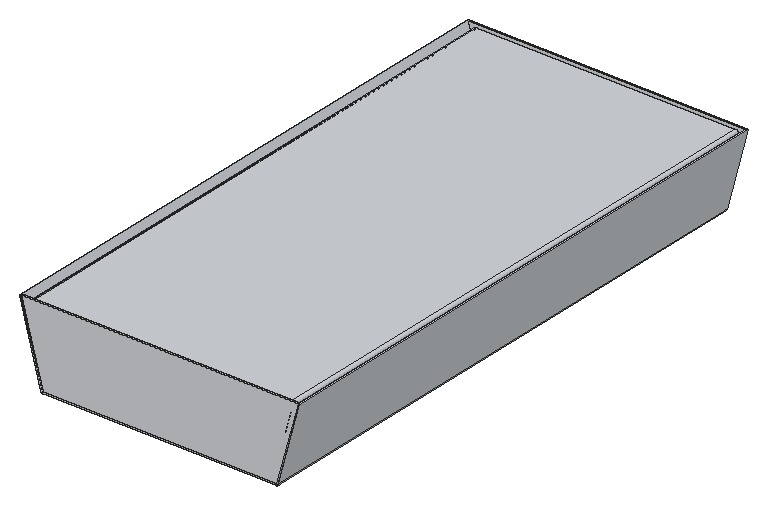
Revit family "VRSCS", category Lighting Fixtures, host Ceiling, Revit 2023
Family settings
  Host = Ceiling
  Round Connector Dimension = Use Diameter
  Part Type = Normal
  OmniClass Number = 23.80.70.11
  OmniClass Title = Luminaries for Internal Lighting
  Always vertical = Yes
  Cut with Voids When Loaded = No
  Light Source = Yes
  Maintain Annotation Orientation = No
  Shared = No
  Room Calculation Point = No
Parameters (values of type "VRSCS-1X2-LED840K052LUNV")
  Width = 1' - 0"
  Wattage = 54.0268 W
  built-in parameter 1150110 = 1 (stored number, unit not read)
  Voltage = 120 V
  URL = "https://viscor.com/products/vrscs"
  built-in parameter 1114217 = 0.9 (stored number, unit not read)
  Tilt Angle = 90.00°
  built-in parameter 1150109 = 1 (stored number, unit not read)
  built-in parameter 1150134 = 12
  built-in parameter 1150113 = 1 (stored number, unit not read)
  Photometric Web File = "VRSCS-1X2-LED840K052LUNV.ies"
  Model = "VRSCS"  # constant formula
  Manufacturer = "CERTOLUX by VISCOR"  # constant formula
  Lumens = 5246 lm
  built-in parameter 1150115 = 1 (stored number, unit not read)
  built-in parameter 1150105 = 417.46 (stored number, unit not read)
  built-in parameter 1150137 = (empty or 0)
  built-in parameter 1150139 = (empty or 0)
  Lens Width = 0' - 8"
  Lens Length = 1' - 8"
  Lens Frame Width = 0' - 7"
  Lens Frame Length = 1' - 7"
  Lens Finish = Polycarbonate - Viscor - Frosted Prismatic P12
  Length = 2' - 0"
  Lamp Wattage = 54 VA
  built-in parameter 1150112 = 1 (stored number, unit not read)
  built-in parameter 1150114 = 1 (stored number, unit not read)
  Lamp = "LED"  # constant formula
  built-in parameter 1150132 = (empty or 0)
  built-in parameter 1150102 = (empty or 0)
  built-in parameter 1150138 = (empty or 0)
  built-in parameter 1150107 = 4000 (stored number, unit not read)
  built-in parameter 1150106 = 4.1746 (stored number, unit not read)
  Housing Finish = Metal - Viscor - White
  Emit from Rectangle Width = Length  # 2' - 0"
  Emit from Rectangle Length = Width  # 1' - 0"
  Emit Shape Visible in Rendering = no
  built-in parameter 1150104 = 9.0209 (stored number, unit not read)
  Dimming Lamp Color Temperature Shift = <None>
  Description = "LED Surface Mount Correctional Clamshell with Sloped Sides"  # constant formula
  Default Elevation = 0' - 0"
  Color Filter = 16777215
  built-in parameter 1114218 = 1 (stored number, unit not read)
  built-in parameter 1150133 = 10 (stored number, unit not read)
  Assembly Code = "D5020200"
  Apparent Load = Lamp Wattage  # 54 VA
Types (16): name | Width | Wattage | Photometric Web File | Lumens | built-in parameter 1150105 | Lens Width | Lens Length | Lens Frame Width | Lens Frame Length | Length | Lamp Wattage | built-in parameter 1150106 | Emit from Rectangle Width | Emit from Rectangle Length | built-in parameter 1150104 | Apparent Load
  (no name) | 1' - 0" | 54.0268 W | "VRSCS-1X2-LED840K052LUNV.ies" | 5246 lm | 417.46 (stored number, unit not read) | 0' - 8" | 1' - 8" | 0' - 7" | 1' - 7" | 2' - 0" | 54 VA | 4.1746 (stored number, unit not read) | 2' - 0" | 1' - 0" | 9.0209 (stored number, unit not read) | 54 VA
  VRSCS-2X2-LED840K026LUNV | 2' - 0" | 25.0142 W | "VRSCS-2X2-LED840K026LUNV.ies" | 2644 lm | 210.4 (stored number, unit not read) | 1' - 8" | 1' - 8" | 1' - 7" | 1' - 7" | 2' - 0" | 25 VA | 2.104 (stored number, unit not read) | 2' - 0" | 2' - 0" | 9.8199 (stored number, unit not read) | 25 VA
  VRSCS-2X4-LED840K052LUNV | 2' - 0" | 49.0083 W | "VRSCS-2X4-LED840K052LUNV.ies" | 5288 lm | 420.81 (stored number, unit not read) | 1' - 8" | 3' - 8" | 1' - 7" | 3' - 7" | 4' - 0" | 49 VA | 4.2081 (stored number, unit not read) | 4' - 0" | 2' - 0" | 10.024 (stored number, unit not read) | 49 VA
  VRSCS-2X2-LED840K052LUNV | 2' - 0" | 52.0138 W | "VRSCS-2X2-LED840K052LUNV.ies" | 5269 lm | 419.29 (stored number, unit not read) | 1' - 8" | 1' - 8" | 1' - 7" | 1' - 7" | 2' - 0" | 52 VA | 4.1929 (stored number, unit not read) | 2' - 0" | 2' - 0" | 9.4111 (stored number, unit not read) | 52 VA
  VRSCS-2X2-LED840K078LUNV | 2' - 0" | 77.0089 W | "VRSCS-2X2-LED840K078LUNV.ies" | 7801 lm | 620.78 (stored number, unit not read) | 1' - 8" | 1' - 8" | 1' - 7" | 1' - 7" | 2' - 0" | 77 VA | 6.2078 (stored number, unit not read) | 2' - 0" | 2' - 0" | 9.4111 (stored number, unit not read) | 77 VA
  VRSCS-2X2-LED840K104LUNV | 2' - 0" | 107.061 W | "VRSCS-2X2-LED840K104LUNV.ies" | 10492 lm | 834.93 (stored number, unit not read) | 1' - 8" | 1' - 8" | 1' - 7" | 1' - 7" | 2' - 0" | 107 VA | 8.3493 (stored number, unit not read) | 2' - 0" | 2' - 0" | 9.1045 (stored number, unit not read) | 107 VA
  VRSCS-2X4-LED840K078LUNV | 2' - 0" | 75.0144 W | "VRSCS-2X4-LED840K078LUNV.ies" | 7839 lm | 623.81 (stored number, unit not read) | 1' - 8" | 3' - 8" | 1' - 7" | 3' - 7" | 4' - 0" | 75 VA | 6.2381 (stored number, unit not read) | 4' - 0" | 2' - 0" | 9.7084 (stored number, unit not read) | 75 VA
  VRSCS-2X4-LED840K104LUNV | 2' - 0" | 102.053 W | "VRSCS-2X4-LED840K104LUNV.ies" | 10440 lm | 830.79 (stored number, unit not read) | 1' - 8" | 3' - 8" | 1' - 7" | 3' - 7" | 4' - 0" | 102 VA | 8.3079 (stored number, unit not read) | 4' - 0" | 2' - 0" | 9.504 (stored number, unit not read) | 102 VA
  VRSCS-2X4-LED840K150LUNV | 2' - 0" | 149.088 W | "VRSCS-2X4-LED840K150LUNV.ies" | 15207 lm | 1210.1 (stored number, unit not read) | 1' - 8" | 3' - 8" | 1' - 7" | 3' - 7" | 4' - 0" | 149 VA | 12.101 (stored number, unit not read) | 4' - 0" | 2' - 0" | 9.4761 (stored number, unit not read) | 149 VA
  VRSCS-1X4-LED840K026LUNV | 1' - 0" | 25.0142 W | "VRSCS-1X4-LED840K026LUNV.ies" | 2644 lm | 210.4 (stored number, unit not read) | 0' - 8" | 3' - 8" | 0' - 7" | 3' - 7" | 4' - 0" | 25 VA | 2.104 (stored number, unit not read) | 4' - 0" | 1' - 0" | 9.8199 (stored number, unit not read) | 25 VA
  VRSCS-1X4-LED840K052LUNV | 1' - 0" | 52.0138 W | "VRSCS-1X4-LED840K052LUNV.ies" | 5269 lm | 419.29 (stored number, unit not read) | 0' - 8" | 3' - 8" | 0' - 7" | 3' - 7" | 4' - 0" | 52 VA | 4.1929 (stored number, unit not read) | 4' - 0" | 1' - 0" | 9.4111 (stored number, unit not read) | 52 VA
  VRSCS-1X4-LED840K078LUNV | 1' - 0" | 77.0089 W | "VRSCS-1X4-LED840K078LUNV.ies" | 7801 lm | 620.78 (stored number, unit not read) | 0' - 8" | 3' - 8" | 0' - 7" | 3' - 7" | 4' - 0" | 77 VA | 6.2078 (stored number, unit not read) | 4' - 0" | 1' - 0" | 9.4111 (stored number, unit not read) | 77 VA
  VRSCS-1X4-LED840K104LUNV | 1' - 0" | 107.061 W | "VRSCS-1X4-LED840K104LUNV.ies" | 10492 lm | 834.93 (stored number, unit not read) | 0' - 8" | 3' - 8" | 0' - 7" | 3' - 7" | 4' - 0" | 107 VA | 8.3493 (stored number, unit not read) | 4' - 0" | 1' - 0" | 9.1045 (stored number, unit not read) | 107 VA
  VRSCS-1X2-LED840K026LUNV | 1' - 0" | 27.002 W | "VRSCS-1X2-LED840K026LUNV.ies" | 2684 lm | 213.59 (stored number, unit not read) | 0' - 8" | 1' - 8" | 0' - 7" | 1' - 7" | 2' - 0" | 27 VA | 2.1359 (stored number, unit not read) | 2' - 0" | 1' - 0" | 9.2346 (stored number, unit not read) | 27 VA
  VRSCS-1X2-LED840K036LUNV | 1' - 0" | 36.014 W | "VRSCS-1X2-LED840K036LUNV.ies" | 3605 lm | 286.88 (stored number, unit not read) | 0' - 8" | 1' - 8" | 0' - 7" | 1' - 7" | 2' - 0" | 36 VA | 2.8688 (stored number, unit not read) | 2' - 0" | 1' - 0" | 9.2996 (stored number, unit not read) | 36 VA
  VRSCS-1X2-LED840K052LUNV | 1' - 0" | 54.0268 W | "VRSCS-1X2-LED840K052LUNV.ies" | 5246 lm | 417.46 (stored number, unit not read) | 0' - 8" | 1' - 8" | 0' - 7" | 1' - 7" | 2' - 0" | 54 VA | 4.1746 (stored number, unit not read) | 2' - 0" | 1' - 0" | 9.0209 (stored number, unit not read) | 54 VA
Reference planes (in)
  plane 1 "Light Source Axis (F/B)": y = 0
  plane 2 "Ceiling": z = 119.75
  plane 3 "Light Source Axis (L/R)": x = 0
  plane 4 "Light Source Elevation": z = 115.5
  plane 5: x = -6
  plane 6: x = 6
  plane 7: y = 12
  plane 8: y = -12
  plane 9: y = 11.9375
  plane 10: y = -11.9375
  plane 11: x = -5.94
  plane 12: x = 5.94
  plane 13: x = -3.5
  plane 14: x = 3.5
  plane 15: y = 9.5
  plane 16: y = -9.5
  plane 17: y = 10
  plane 18: y = -10
  plane 19: x = -4
  plane 20: x = 4
Forms (in)
  Extrusion 1, void
    sketch origin (-2.98742, 0, 114.875) x (0, -1, 0) y (1, 0, 0)
      loop
        line (9.5, -0.51258) -> (9.5, 6.48742) -> (-9.5, 6.48742) -> (-9.5, -0.51258) -> (9.5, -0.51258)
    from 1.05025 to 2.625
  Extrusion 2, solid
    sketch origin (0, 0, 0) x (0, 1, 0) y (0, 0, 1)
      loop
        line (10, 116.31) -> (10, 116.685) -> (-10, 116.685) -> (-10, 116.31) -> (10, 116.31)
    from -4 to 4
  Extrusion 3, solid
    sketch origin (0, 0, 0) x (1, 0, 0) y (0, 0, 1)
      loop
        line (-5.03246, 116.30859) -> (5.03246, 116.30859) -> (5.94999, 119.73284) -> (-5.94999, 119.73284) -> (-5.03246, 116.30859)
    from -12 to -11.9375
  Extrusion 4, solid
    sketch origin (0, 0, 0) x (1, 0, 0) y (0, 0, -1)
      loop
        line (-5.03246, -116.30859) -> (-5.94999, -119.73284) -> (5.94999, -119.73284) -> (5.03246, -116.30859) -> (-5.03246, -116.30859)
    from -12 to -11.9375
  Extrusion 5, solid
    sketch origin (0, 0, 0) x (1, 0, 0) y (0, 0, 1)
      loop
        line (-5.67946, 119.45894) -> (-5.39641, 118.40259) -> (-5.33981, 118.41776) -> (-5.62286, 119.47411)
        arc (-5.62286, 119.47411) -> (-5.61226, 119.52738) -> (-5.56355, 119.55141) r 0.06141
        line (-5.56355, 119.55141) -> (5.53083, 119.55141)
        arc (5.53083, 119.55141) -> (5.57955, 119.52738) -> (5.59015, 119.47411) r 0.06141
        line (5.59015, 119.47411) -> (5.3071, 118.41776) -> (5.3637, 118.40259) -> (5.64675, 119.45894)
        arc (5.64675, 119.45894) -> (5.62604, 119.56305) -> (5.53083, 119.61) r 0.12
        line (5.53083, 119.61) -> (-5.56355, 119.61)
        arc (-5.56355, 119.61) -> (-5.65875, 119.56305) -> (-5.67946, 119.45894) r 0.12
    from -11.9375 to 11.9375
  Extrusion 6, solid
    sketch origin (0, 0, 0) x (1, 0, 0) y (0, 0, 1)
      loop
        arc (-5.10125, 116.33894) -> (-5.0584, 116.2748) -> (-4.98534, 116.25) r 0.12
        line (-4.98534, 116.25) -> (4.98534, 116.25)
        arc (4.98534, 116.25) -> (5.0584, 116.2748) -> (5.10125, 116.33894) r 0.12
        line (5.10125, 116.33894) -> (6.00658, 119.71767) -> (5.94999, 119.73284) -> (5.03246, 116.30859) -> (-5.03246, 116.30859) -> (-5.94999, 119.73284) -> (-6.00658, 119.71767) -> (-5.10125, 116.33894)
    from -12 to 12
Dimensions and locks (in)
  equal spacing: host sketch curve, plane 3 "Light Source Axis (L/R)", host sketch curve
  equal spacing: host sketch curve, plane 1 "Light Source Axis (F/B)", host sketch curve
  host sketch curve to host sketch curve = 10' - 0"  (x2)
  equal spacing: plane 7, plane 1 "Light Source Axis (F/B)", plane 8
  equal spacing: plane 5, plane 3 "Light Source Axis (L/R)", plane 6
  "Width": plane 5 to plane 6
  "Length": plane 7 to plane 8
  locked: plane 10 to plane 8 at 0.0625
  locked: plane 7 to plane 9 at 0.0625
  plane 5 to plane 11 to plane 3 "Light Source Axis (L/R)" = 0' - 0.06" locked, 0' - 5.94"
  locked: plane 12 to plane 6 at 0.06
  equal spacing: plane 13, plane 3 "Light Source Axis (L/R)", plane 14
  "Lens Frame Width": plane 13 to plane 14
  equal spacing: plane 15, plane 1 "Light Source Axis (F/B)", plane 16
  "Lens Frame Length": plane 15 to plane 16
  equal spacing: plane 17, plane 1 "Light Source Axis (F/B)", plane 18
  "Lens Length": plane 17 to plane 18
  equal spacing: plane 19, plane 3 "Light Source Axis (L/R)", plane 20
  "Lens Width": plane 19 to plane 20
  aligned and locked: plane 3 "Light Source Axis (L/R)" to imposter light
  aligned and locked: plane 1 "Light Source Axis (F/B)" to imposter light
  aligned and locked: plane 4 "Light Source Elevation" to imposter light
  aligned and locked: Extrusion 1 to plane 13
  aligned and locked: Extrusion 1 to plane 14
  aligned and locked: plane 15 to Extrusion 1
  aligned and locked: Extrusion 1 to plane 16
  aligned and locked: Extrusion 2 to plane 19
  aligned and locked: plane 20 to Extrusion 2
  aligned and locked: plane 7 to Extrusion 3
  aligned and locked: Extrusion 3 to plane 9
  aligned and locked: Extrusion 4 to plane 8
  aligned and locked: plane 10 to Extrusion 4
  aligned and locked: plane 9 to Extrusion 5
  aligned and locked: Extrusion 5 to plane 10
  aligned and locked: plane 7 to Extrusion 6
  aligned and locked: Extrusion 6 to plane 8
Automatic sketch dimensions
  Extrusion 1 sketch curve to plane 13 = 0' - 0"
  Extrusion 1 sketch curve to plane 15 = 0' - 0"
  Extrusion 1 sketch curve to plane 16 = 0' - 0"
  Extrusion 1 sketch curve to plane 14 = 0' - 0"
  Extrusion 2 sketch curve to plane 18 = 0' - 0"
  Extrusion 2 sketch curve to plane 17 = 0' - 0"
  Extrusion 2 sketch curve to plane 4 "Light Source Elevation" = 0' - 0.81"
  Extrusion 2 sketch curve to Extrusion 2 sketch curve = 0' - 0 3/8"
  Extrusion 3 sketch curve to plane 11 = 0' - 0.00999"
  plane 11 to Extrusion 3 sketch curve = 0' - 0.90754"
  Extrusion 3 sketch curve to plane 12 = 0' - 0.90754"
  plane 12 to Extrusion 3 sketch curve = 0' - 0.00999"
  Extrusion 3 sketch curve to plane 4 "Light Source Elevation" = 0' - 0 207/256"
  Extrusion 3 sketch curve to plane 2 "Ceiling" = 0' - 0.01716"
  Extrusion 4 sketch curve to plane 11 = 0' - 0.00999"
  plane 11 to Extrusion 4 sketch curve = 0' - 0.90754"
  Extrusion 4 sketch curve to plane 12 = 0' - 0.90754"
  plane 12 to Extrusion 4 sketch curve = 0' - 0.00999"
  Extrusion 4 sketch curve to plane 2 "Ceiling" = 0' - 0.01716"
  Extrusion 4 sketch curve to plane 4 "Light Source Elevation" = 0' - 0 207/256"
  Extrusion 5 sketch curve to Extrusion 5 sketch curve = 0' - 0"  (x4)
  plane 11 to Extrusion 5 sketch curve = 0' - 0.26054"
  Extrusion 5 sketch curve to Extrusion 5 sketch curve = 0' - 0.0566"  (x3)
  Extrusion 5 sketch curve to Extrusion 5 sketch curve = 0' - 0.05931"  (x2)
  plane 11 to Extrusion 5 sketch curve = 0' - 0.54359"
  Extrusion 5 sketch curve to plane 2 "Ceiling" = 0' - 0.26"  (x2)
  Extrusion 5 sketch curve to plane 12 = 0' - 0.40917"
  Extrusion 5 sketch curve to Extrusion 5 sketch curve = 0' - 0.01589"
  Extrusion 5 sketch curve to Extrusion 5 sketch curve = 0' - 0.01517"  (x2)
  Extrusion 5 sketch curve to plane 12 = 0' - 0.6329"
  plane 11 to Extrusion 6 sketch curve = 0' - 0.83875"
  Extrusion 6 sketch curve to Extrusion 6 sketch curve = 0' - 0.11591"  (x2)
  Extrusion 6 sketch curve to plane 4 "Light Source Elevation" = 0' - 0.83894"
  Extrusion 6 sketch curve to Extrusion 6 sketch curve = 0' - 0.03106"
  Extrusion 6 sketch curve to plane 5 = 0' - 0.00658"
  Extrusion 6 sketch curve to plane 2 "Ceiling" = 0' - 0.03233"  (x2)
  Extrusion 6 sketch curve to plane 12 = 0' - 0.95466"
  Extrusion 6 sketch curve to Extrusion 6 sketch curve = 0' - 0.12"
  plane 6 to Extrusion 6 sketch curve = 0' - 0.00658"
  plane 12 to Extrusion 6 sketch curve = 0' - 0.00999"
  Extrusion 6 sketch curve to plane 4 "Light Source Elevation" = 0' - 0 207/256"
  Extrusion 6 sketch curve to plane 11 = 0' - 0.00999"
Connectors (in)
  electrical at (0, 0, 116.30859), driven by "Lamp Wattage", driven by "Voltage"
    settings: on Extrusion 6, index 1, voltage 120 V, apparent load 0 VA, apparent load phase1 54 VA, apparent load phase2 0 VA, apparent load phase3 0 VA, power factor 1, load classification "Other", number of poles 1, system type 31, power factor state 1, is connector primary yes, connector utility no, sub classification motor no, connector description ""
